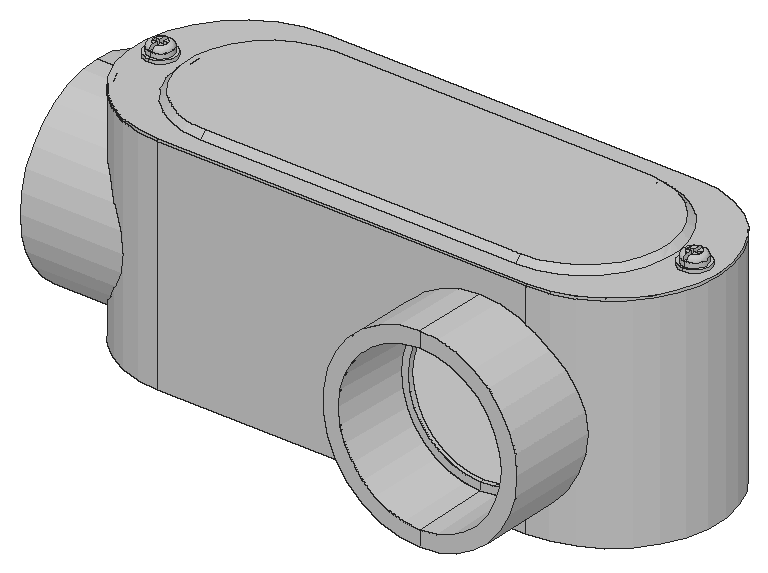
Revit family "ll85", category Conduit Fittings, Revit 2018
Family settings
  Round Connector Dimension = Use Diameter
  Part Type = Multi Port
  Work Plane-Based = No
  Always vertical = Yes
  Cut with Voids When Loaded = No
  Shared = No
Parameters (values of type "LL")
  Weight = 0
  WT = 600
  URL = "http://www.cadenas.de"
  Type Comments = ""
  Total Length [instance] = 1' - 1 209/256"
  SUPPLIER = "COOPERCROUSEHINDS"
  SIZE = "3\""
  SHAPE = "LL"
  PN = "LL85"
  NT = "Commercial Fittings"
  NN = "Condulet® Series 5 Conduit Outlet Bodies"
  NBSYN = "$PNHELP.$LOD."
  NB = "LL85"
  Model = "LL85"
  Manufacturer = "COOPERCROUSEHINDS"
  MODELS = "Body"
  MIdent = "{$CADENAS_DATA\\23d-libs\\coopercrousehinds\\commercial_fittings\\conduit_outlet_bb\\condulet_series5_cob\\condulet_series5_cob_asmtab.prj},216 {VTYP=3D},{STYP=ASSTAB},{NB=LL85},{LINA=LL85},{NN=Condulet® Series 5 Conduit Outlet Bodies},{DATE=23.08.2017 08:40:13},{GEOMDATE=25.02.2016 09:44:11},{VERSION=},{LINEID=10},{WBVAR=SHAPE,CT,CG,SIZE,LOD},{WBNUMERIC=}  {NB=LL85},{LINA=LL85},{KT=DUMMY},{PN=LL85},{PNHELP=LL85},{MODELS=Body},{MM=B},{SHAPE=LL},{SHA= 'LB','LB','LR','LR','LL','LL','C','C','T','T' },{CT=},{CTA= '','Rigid/IMC','MT','Combo EMT, Rigid/IMC','CGN','Rigid/IMC Body, Traditional Cover & Gasket','MTC','Combo EMT, Body, Traditional Cover & Gasket','ICG','NEMA 4 Rigid/IMC Body, Integral Cover & Gasket' },{CG=},{CGA= '','N/A' },{SIZE=85},{S1= '15','1/2\\\"','25','3/4\\\"','35','1\\\"','45','1-1/4\\\"','55','1-1/2\\\"','65','2\\\"','75','2-1/2\\\"','85','3\\\"','95','3-1/2\\\"','105','4\\\"' },{WT=600},{A=6.065},{B=13.060},{C=4.670},{D=3\\\"},{LOD=},{PNCG=85},{CC=0.000},{PRA=LL},{PPATH=parts/series5_asmtpl.prj}"
  LOD = "High Level of Details"
  LINA = "LL85"
  Keynote = "LL85"
  FITTING ANGLE [instance] = 90.00°
  Description = "Commercial Fittings"
  D = "3\""
  Cost_x = ""
  CT = "Rigid/IMC"
  CREATOR = "CADENAS GmbH"
  CG = "N/A"
  C = 0' - 4.67"
  BOMINFO = "LINA"
  B = 1' - 1.06"
  Assembly Code = ""
  ARTICLENO = "NB"
  A = 0' - 6.065"
Reference planes (in)
  plane 1 "Center (Front/Back)": y = 0
  plane 2: z = 0
  plane 3 "Center (Left/Right)": x = 0
Lines and regions (in)
  model lines, style "ConduitFittingCenterLine"
    curve 1: line (2.9, -3.82, 0) -> (2.9, 0, 0)
    curve 2: line (2.9, 0, 0) -> (-6.94, 0, 0)
Dimensions and locks (in)
  aligned and locked: plane 2 to level
Nested families (in)
  nested 1: "ll85Content" at (0, 0, 0), type "ll85Content"
  nested 2: "850" at (0, 0, 2.531), type "850"
Connectors (in)
  cabletrayconduit at (2.9, -3.82, 0), diameter 3
    settings: on nested 1, index 1, connector width 1' - 0", connector height 1' - 0", connector angle 180.00°, system type 32, placement type 0, profile type 0, connector reference index 2, is primary connector no, connector utility param no, connector description ""
  cabletrayconduit at (-6.94, 0, 0), diameter 3
    settings: on nested 1, index 2, connector width 1' - 0", connector height 1' - 0", connector angle 180.00°, system type 32, placement type 0, profile type 0, connector reference index 1, is primary connector yes, connector utility param no, connector description ""
Definition of nested family "ll85Content"
  Parameters (values of type "ll85Content")
    Weight = 0
    WT = 600
    Default Elevation = 4' - 0"
    URL = "http://www.cadenas.de"
    Type Comments = ""
    SUPPLIER = "COOPERCROUSEHINDS"
    SIZE = "3\""
    SHAPE = "LL"
    PN = "LL85"
    NT = "Commercial Fittings"
    NN = "Condulet® Series 5 Conduit Outlet Bodies"
    NBSYN = "$PNHELP.$LOD."
    NB = "LL85"
    Model = "LL85"
    Manufacturer = "COOPERCROUSEHINDS"
    MODELS = "Body"
    LOD = "High Level of Details"
    LINA = "LL85"
    Keynote = "LL85"
    Description = "Commercial Fittings"
    D = "3\""
    Cost = ""
    CT = "Rigid/IMC"
    CREATOR = "CADENAS GmbH"
    CG = "N/A"
    C = 0' - 4.67"
    BOMINFO = "LINA"
    B = 1' - 1.06"
    Assembly Code = ""
    ARTICLENO = "NB"
    A = 0' - 6.065"
  Reference planes (in)
    plane 1 "Center (Front/Back)": y = 0
    plane 2: z = 0
    plane 3 "Center (Left/Right)": x = 0
  Forms (in)
    Extrusion 1, solid
      sketch origin (0, 0, 2.531) x (1, 0, 0) y (0, 1, 0)
        loop
          arc (-3.875, 2.245) -> (-6.12, 0) -> (-3.875, -2.245) r 2.245
          line (-3.875, -2.245) -> (3.875, -2.245)
          arc (3.875, -2.245) -> (6.12, 0) -> (3.875, 2.245) r 2.245
          line (3.875, 2.245) -> (-3.875, 2.245)
      from -4.67 to 0
    Revolve 2, solid
      sketch origin (0, 0, 0) x (1, 0, 0) y (0, 0, 1)
        loop
          line (-6.94, 0) -> (2.9, 0) -> (2.9, 2.045) -> (-6.94, 2.045) -> (-6.94, 0)
        axis (2.9, 0) -> (-6.94, 0)
      angle from -360 to 0
    Revolve 3, solid
      sketch origin (2.9, 0, 0) x (0, 1, 0) y (0, 0, 1)
        loop
          line (-3.82, 0) -> (0, 0) -> (0, 2.045) -> (-3.82, 2.045) -> (-3.82, 0)
        axis (0, 0) -> (-3.82, 0)
      angle from -360 to 0
    Extrusion 4, void
      sketch origin (0, 0, 2.531) x (1, 0, 0) y (0, 1, 0)
        loop
          arc (-3.875, 2.151) -> (-6.026, 0) -> (-3.875, -2.151) r 2.151
          line (-3.875, -2.151) -> (3.875, -2.151)
          arc (3.875, -2.151) -> (6.026, 0) -> (3.875, 2.151) r 2.151
          line (3.875, 2.151) -> (-3.875, 2.151)
      from -0.094 to 0
    Extrusion 5, void
      sketch origin (0, 0, 2.531) x (1, 0, 0) y (0, 1, 0)
        loop
          arc (-5.38, -1.53681) -> (-4.68775, -1.99154) -> (-3.875, -2.151) r 2.151
          line (-3.875, -2.151) -> (3.875, -2.151)
          arc (3.875, -2.151) -> (4.68775, -1.99154) -> (5.38, -1.53681) r 2.151
          line (5.38, -1.53681) -> (5.38, 1.53681)
          arc (5.38, 1.53681) -> (4.68775, 1.99154) -> (3.875, 2.151) r 2.151
          line (3.875, 2.151) -> (-3.875, 2.151)
          arc (-3.875, 2.151) -> (-4.68775, 1.99154) -> (-5.38, 1.53681) r 2.151
          line (-5.38, 1.53681) -> (-5.38, -1.53681)
      from -4.576 to 0
    Extrusion 6, solid
      sketch origin (0, 0, 2.531) x (1, 0, 0) y (0, 1, 0)
        loop
          arc (5.625, 0.245) -> (5.38, 0) -> (5.625, -0.245) r 0.245
          line (5.625, -0.245) -> (6.0593, -0.245)
          arc (6.0593, -0.245) -> (6.073, 0) -> (6.0593, 0.245) r 2.198
          line (6.0593, 0.245) -> (5.625, 0.245)
      from -0.094 to 0
    Extrusion 7, solid
      sketch origin (0, 0, 2.531) x (1, 0, 0) y (0, 1, 0)
        loop
          arc (-6.0593, 0.245) -> (-6.073, 0) -> (-6.0593, -0.245) r 2.198
          line (-6.0593, -0.245) -> (-5.625, -0.245)
          arc (-5.625, -0.245) -> (-5.38, 0) -> (-5.625, 0.245) r 0.245
          line (-5.625, 0.245) -> (-6.0593, 0.245)
      from -0.094 to 0
    Revolve 8, void
      sketch origin (0, 0, 0) x (1, 0, 0) y (0, 0, 1)
        loop
          line (-6.94, 0) -> (-5.098, 0) -> (-5.098, 1.5) -> (-5.474, 1.5) -> (-5.474, 1.66774) -> (-6.94, 1.7135) -> (-6.94, 0)
        axis (-5.098, 0) -> (-6.94, 0)
      angle from -360 to 0
    Revolve 9, void
      sketch origin (2.9, 0, 0) x (0, 1, 0) y (0, 0, 1)
        loop
          line (-3.82, 0) -> (0, 0) -> (0, 1.5) -> (-2.245, 1.5) -> (-2.245, 1.66433) -> (-3.82, 1.7135) -> (-3.82, 0)
        axis (0, 0) -> (-3.82, 0)
      angle from -360 to 0
    Revolve 10, void
      sketch origin (0, 0, 0) x (1, 0, 0) y (0, 0, 1)
        loop
          line (-5.625, 2.531) -> (-5.625, 2.131) -> (-5.4988, 2.20386) -> (-5.4988, 2.50095) -> (-5.46875, 2.531) -> (-5.625, 2.531)
        axis (-5.625, 2.131) -> (-5.625, 2.531)
      angle from -360 to 0
    Revolve 11, void
      sketch origin (0, 0, 0) x (1, 0, 0) y (0, 0, 1)
        loop
          line (5.625, 2.531) -> (5.625, 2.131) -> (5.7512, 2.20386) -> (5.7512, 2.50095) -> (5.78125, 2.531) -> (5.625, 2.531)
        axis (5.625, 2.131) -> (5.625, 2.531)
      angle from -360 to 0
    Extrusion 12, void, not visible
      sketch origin (0, 0, 2.531) x (1, 0, 0) y (0, 1, 0)
        loop
          arc (-3.875, 2.151) -> (-6.026, 0) -> (-3.875, -2.151) r 2.151
          line (-3.875, -2.151) -> (3.875, -2.151)
          arc (3.875, -2.151) -> (6.026, 0) -> (3.875, 2.151) r 2.151
          line (3.875, 2.151) -> (-3.875, 2.151)
      from -0.094 to 0
    Extrusion 13, void, not visible
      sketch origin (0, 0, 2.531) x (1, 0, 0) y (0, 1, 0)
        loop
          arc (-5.38, -1.53681) -> (-4.68775, -1.99154) -> (-3.875, -2.151) r 2.151
          line (-3.875, -2.151) -> (3.875, -2.151)
          arc (3.875, -2.151) -> (4.68775, -1.99154) -> (5.38, -1.53681) r 2.151
          line (5.38, -1.53681) -> (5.38, 1.53681)
          arc (5.38, 1.53681) -> (4.68775, 1.99154) -> (3.875, 2.151) r 2.151
          line (3.875, 2.151) -> (-3.875, 2.151)
          arc (-3.875, 2.151) -> (-4.68775, 1.99154) -> (-5.38, 1.53681) r 2.151
          line (-5.38, 1.53681) -> (-5.38, -1.53681)
      from -4.576 to 0
    Revolve 14, void, not visible
      sketch origin (0, 0, 0) x (1, 0, 0) y (0, 0, 1)
        loop
          line (-6.94, 0) -> (-5.098, 0) -> (-5.098, 1.5) -> (-5.474, 1.5) -> (-5.474, 1.66774) -> (-6.94, 1.7135) -> (-6.94, 0)
        axis (-5.098, 0) -> (-6.94, 0)
      angle from -360 to 0
    Revolve 15, void, not visible
      sketch origin (2.9, 0, 0) x (0, 1, 0) y (0, 0, 1)
        loop
          line (-3.82, 0) -> (0, 0) -> (0, 1.5) -> (-2.245, 1.5) -> (-2.245, 1.66433) -> (-3.82, 1.7135) -> (-3.82, 0)
        axis (0, 0) -> (-3.82, 0)
      angle from -360 to 0
    Revolve 16, void, not visible
      sketch origin (0, 0, 0) x (1, 0, 0) y (0, 0, 1)
        loop
          line (-5.625, 2.531) -> (-5.625, 2.131) -> (-5.4988, 2.20386) -> (-5.4988, 2.50095) -> (-5.46875, 2.531) -> (-5.625, 2.531)
        axis (-5.625, 2.131) -> (-5.625, 2.531)
      angle from -360 to 0
    Revolve 17, void, not visible
      sketch origin (0, 0, 0) x (1, 0, 0) y (0, 0, 1)
        loop
          line (5.625, 2.531) -> (5.625, 2.131) -> (5.7512, 2.20386) -> (5.7512, 2.50095) -> (5.78125, 2.531) -> (5.625, 2.531)
        axis (5.625, 2.131) -> (5.625, 2.531)
      angle from -360 to 0
  Cuts and joins
    Extrusion 4, Extrusion 5, Revolve 8, Revolve 9, Revolve 10, Revolve 11 cuts Extrusion 1
    Extrusion 4, Extrusion 5, Revolve 8, Revolve 9, Revolve 10, Revolve 11 cuts Revolve 2
    Extrusion 4, Extrusion 5, Revolve 8, Revolve 9, Revolve 10, Revolve 11 cuts Revolve 3
    Revolve 8, Revolve 9, Revolve 10, Revolve 11 cuts Extrusion 6
    Revolve 8, Revolve 9, Revolve 10, Revolve 11 cuts Extrusion 7
  Dimensions and locks (in)
    aligned and locked: plane 2 to level
Definition of nested family "850"
  Parameters (values of type "850")
    Weight = 0
    WT = 78
    URL = "http://www.cadenas.de"
    Type Comments = ""
    SUPPLIER = "COOPERCROUSEHINDS"
    SIZE = "2-1/2\" - 3\""
    SHAPE = "N/A"
    PN = "850"
    NT = "Commercial Fittings"
    NN = "Condulet® Series 5 Conduit Outlet Bodies"
    NBSYN = "$PNHELP.$LOD."
    NB = "850"
    Model = "850"
    Manufacturer = "COOPERCROUSEHINDS"
    MODELS = "Cover/Gasket"
    MIdent = "{$CADENAS_DATA\\23d-libs\\coopercrousehinds\\commercial_fittings\\conduit_outlet_bb\\condulet_series5_cob\\condulet_series5_cob_asmtab.prj},214 {VTYP=3D},{STYP=ASSTAB},{NB=850},{LINA=850},{NN=Condulet® Series 5 Conduit Outlet Bodies},{DATE=23.08.2017 08:40:13},{GEOMDATE=25.02.2016 09:44:11},{VERSION=},{LINEID=20},{WBVAR=SHAPE,CT,CG,SIZE,LOD},{WBNUMERIC=}  {NB=850},{LINA=850},{KT=DUMMY},{PN=850},{PNHELP=850},{MODELS=Cover/Gasket},{MM=C},{SHAPE=},{SHA= '','N/A' },{CT=},{CTA= '','N/A' },{CG=},{CGA= '','Aluminum Cover','G','Aluminum Cover with Neoprene Integral Gasket','N','Neoprene Gasket' },{SIZE=85},{S1= '15','1/2\\\"','25','3/4\\\"','35','1\\\"','45','1-1/4\\\" - 1-1/2\\\"','65','2\\\"','85','2-1/2\\\" - 3\\\"','95','3-1/2\\\" - 4\\\"' },{WT=78},{A=4.488},{B=12.264},{C=0.177},{D=N/A},{LOD=},{PNCG=85},{CC=0.000},{PRA=CO},{PPATH=parts/series5_asmtpl.prj}"
    LOD = "High Level of Details"
    LINA = "850"
    Keynote = "850"
    Description = "Commercial Fittings"
    D = "N/A"
    Cost = ""
    CT = "N/A"
    CREATOR = "CADENAS GmbH"
    CG = "Aluminum Cover"
    C = 0' - 0.177"
    BOMINFO = "LINA"
    B = 1' - 0.264"
    Assembly Code = ""
    ARTICLENO = "NB"
    A = 0' - 4.488"
  Reference planes (in)
    plane 1 "Center (Front/Back)": y = 0
    plane 2: z = 0
    plane 3 "Center (Left/Right)": x = 0
  Dimensions and locks (in)
    aligned and locked: plane 2 to level
  Nested families (in)
    nested 1: "850Content" at (0, 0, 0), type "850Content"
  Definition of nested family "850Content"
    Parameters (values of type "850Content")
      Weight = 0
      WT = 78
      Default Elevation = 4' - 0"
      URL = "http://www.cadenas.de"
      Type Comments = ""
      SUPPLIER = "COOPERCROUSEHINDS"
      SIZE = "2-1/2\" - 3\""
      SHAPE = "N/A"
      PN = "850"
      NT = "Commercial Fittings"
      NN = "Condulet® Series 5 Conduit Outlet Bodies"
      NBSYN = "$PNHELP.$LOD."
      NB = "850"
      Model = "850"
      Manufacturer = "COOPERCROUSEHINDS"
      MODELS = "Cover/Gasket"
      LOD = "High Level of Details"
      LINA = "850"
      Keynote = "850"
      Description = "Commercial Fittings"
      D = "N/A"
      Cost = ""
      CT = "N/A"
      CREATOR = "CADENAS GmbH"
      CG = "Aluminum Cover"
      C = 0' - 0.177"
      BOMINFO = "LINA"
      B = 1' - 0.264"
      Assembly Code = ""
      ARTICLENO = "NB"
      A = 0' - 4.488"
    Reference planes (in)
      plane 1 "Center (Front/Back)": y = 0
      plane 2: z = 0
      plane 3 "Center (Left/Right)": x = 0
    Forms (in)
      Revolve 1, solid
        sketch origin (5.625, 0, 0.05) x (0, 0, -1) y (0, -1, 0)
          loop
            line (-0.251, 0) -> (0.39, 0) -> (0.39, 0.1193) -> (0.326, 0.15625) -> (0, 0.15625) -> (0, 0.315) -> (-0.06, 0.315) -> (-0.06, 0.25) -> (-0.1555, 0.25)
            arc (-0.1555, 0.25) -> (-0.22303, 0.22203) -> (-0.251, 0.1545) r 0.0955
            line (-0.251, 0.1545) -> (-0.251, 0)
          axis (0.39, 0) -> (-0.251, 0)
        angle from -360 to 0
      Extrusion 2, void
        sketch origin (5.625, 0, 0.301) x (0, -1, 0) y (-1, 0, 0)
          loop
            line (0.039, 0.125) -> (-0.039, 0.125) -> (-0.039, 0.039) -> (-0.5, 0.039) -> (-0.5, -0.039) -> (-0.039, -0.039) -> (-0.039, -0.125) -> (0.039, -0.125) -> (0.039, -0.039) -> (0.5, -0.039) -> (0.5, 0.039) -> (0.039, 0.039) -> (0.039, 0.125)
        from 0 to 0.0955
      Extrusion 3, void, not visible
        sketch origin (5.625, 0, 0.301) x (0, -1, 0) y (-1, 0, 0)
          loop
            line (0.039, 0.125) -> (-0.039, 0.125) -> (-0.039, 0.039) -> (-0.5, 0.039) -> (-0.5, -0.039) -> (-0.039, -0.039) -> (-0.039, -0.125) -> (0.039, -0.125) -> (0.039, -0.039) -> (0.5, -0.039) -> (0.5, 0.039) -> (0.039, 0.039) -> (0.039, 0.125)
        from 0 to 0.0955
      Revolve 4, solid
        sketch origin (-5.625, 0, 0.05) x (0, 0, -1) y (0, -1, 0)
          loop
            line (-0.251, 0) -> (0.39, 0) -> (0.39, 0.1193) -> (0.326, 0.15625) -> (0, 0.15625) -> (0, 0.315) -> (-0.06, 0.315) -> (-0.06, 0.25) -> (-0.1555, 0.25)
            arc (-0.1555, 0.25) -> (-0.22303, 0.22203) -> (-0.251, 0.1545) r 0.0955
            line (-0.251, 0.1545) -> (-0.251, 0)
          axis (0.39, 0) -> (-0.251, 0)
        angle from -360 to 0
      Extrusion 5, void
        sketch origin (-5.625, 0, 0.301) x (0, -1, 0) y (-1, 0, 0)
          loop
            line (0.039, 0.125) -> (-0.039, 0.125) -> (-0.039, 0.039) -> (-0.5, 0.039) -> (-0.5, -0.039) -> (-0.039, -0.039) -> (-0.039, -0.125) -> (0.039, -0.125) -> (0.039, -0.039) -> (0.5, -0.039) -> (0.5, 0.039) -> (0.039, 0.039) -> (0.039, 0.125)
        from 0 to 0.0955
      Extrusion 6, void, not visible
        sketch origin (-5.625, 0, 0.301) x (0, -1, 0) y (-1, 0, 0)
          loop
            line (0.039, 0.125) -> (-0.039, 0.125) -> (-0.039, 0.039) -> (-0.5, 0.039) -> (-0.5, -0.039) -> (-0.039, -0.039) -> (-0.039, -0.125) -> (0.039, -0.125) -> (0.039, -0.039) -> (0.5, -0.039) -> (0.5, 0.039) -> (0.039, 0.039) -> (0.039, 0.125)
        from 0 to 0.0955
      Sweep 7, solid
        path origin (0, 0, 0) x (1, 0, 0) y (0, 1, 0)
          loop
            arc (-3.3255, 1.692) -> (-5.0175, 0) -> (-3.3255, -1.692) r 1.692
            line (-3.3255, -1.692) -> (3.3255, -1.692)
            arc (3.3255, -1.692) -> (5.0175, 0) -> (3.3255, 1.692) r 1.692
            line (3.3255, 1.692) -> (-3.3255, 1.692)
        profile origin (-5.0175, 0, 0) x (1, 0, 0) y (0, 0, 1)
          loop
            line (-0.1272, 0.04986) -> (-0.1272, 0) -> (-0.07705, 0) -> (0.0498, 0.12686) -> (0.1978, 0.12686) -> (0.1978, 0.177) -> (-0.00005, 0.177) -> (-0.1272, 0.04986)
      Extrusion 8, solid
        sketch origin (0, 0, 0) x (1, 0, 0) y (0, 1, 0)
          loop
            arc (-3.888, 2.244) -> (-6.132, 0) -> (-3.888, -2.244) r 2.244
            line (-3.888, -2.244) -> (3.888, -2.244)
            arc (3.888, -2.244) -> (6.132, 0) -> (3.888, 2.244) r 2.244
            line (3.888, 2.244) -> (-3.888, 2.244)
          loop
            arc (3.3255, -1.8192) -> (5.1447, 0) -> (3.3255, 1.8192) r 1.8192
            line (3.3255, 1.8192) -> (-3.3255, 1.8192)
            arc (-3.3255, 1.8192) -> (-5.1447, 0) -> (-3.3255, -1.8192) r 1.8192
            line (-3.3255, -1.8192) -> (3.3255, -1.8192)
        from 0 to 0.05
      Extrusion 9, solid
        sketch origin (0, 0, 0.127) x (1, 0, 0) y (0, 1, 0)
          loop
            arc (3.3255, -1.4942) -> (4.8197, 0) -> (3.3255, 1.4942) r 1.4942
            line (3.3255, 1.4942) -> (-3.3255, 1.4942)
            arc (-3.3255, 1.4942) -> (-4.8197, 0) -> (-3.3255, -1.4942) r 1.4942
            line (-3.3255, -1.4942) -> (3.3255, -1.4942)
        from 0 to 0.05
    Cuts and joins
      Extrusion 2 cuts Revolve 1
      Extrusion 5 cuts Revolve 4
      joined: Revolve 1, Revolve 4, Sweep 7, Extrusion 8, Extrusion 9
    Dimensions and locks (in)
      aligned and locked: plane 2 to level
